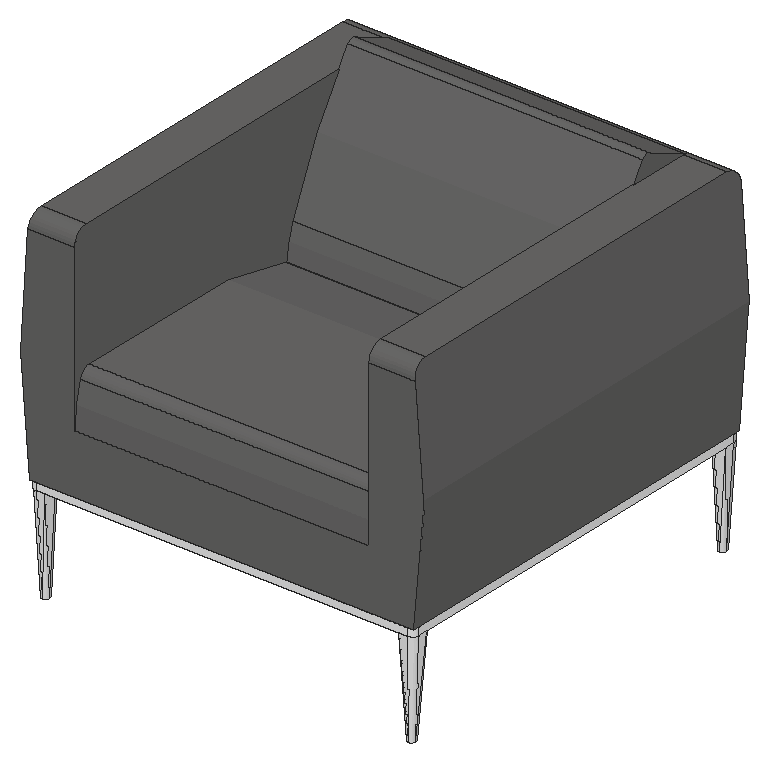
Revit family "Seating-Lounge_Chair-Teknion-BBJC_Jean-R2011", category Furniture, Revit 2013
Parameters (values of type "Lounge Chair")
  Width = 2' - 7 1/2"  # constant formula
  Warranty = "http://www.teknionstudio.com/pdfs/Teknion%20Studio%20Warranty.pdf"
  Unit Weight = 50.00 lbf
  URL = "http://www.teknionstudio.com"
  Series = "B&B Italia"
  Seat Upholstery Finish [instance] = Fabric - Teknion - V312 - Velvet Underground
  Salvage or Reuse = yes
  Product Page URL = "http://www.teknionstudio.com/jean/#.Ula9nRAQP-o"
  Product Line = "Jean"
  Product Documentation Link = "http://www.teknionstudio.com/pricing/BBJC_ppg.pdf"
  Percentage of Recycled Content = 0
  Part Number = "BBJC"
  Model = "BBJCA"
  Manufacturer Phone = "919-464-2920"
  Manufacturer Fax = "919-464-2927"
  Manufacturer Email = "mailto:customersupport@teknionstudio.com"
  Manufacturer Address = "3940 US 70 Business HWY West, Clayton, NC 27520"
  Manufacturer = "Teknion Studio"  # constant formula
  Low Emitting Material = yes
  Low Emitting Finish = yes
  Height = 2' - 4 1/2"  # constant formula
  Frame Finish [instance] = Metal - Teknion - C9 - Polished Aluminum
  Description = "Jean Lounge Chair"
  Depth = 2' - 7 3/4"  # constant formula
  Assembly Code = "E2020200"
Reference planes (in)
  plane 1 "Center F/B": y = 0
  plane 2: z = 0
  plane 3 "Center L/R": x = 0
  plane 4 "Left": x = -15.75
  plane 5 "Right": x = 15.75
  plane 6 "Back": y = 15.875
  plane 7 "Front": y = -15.875
  plane 8 "Top": z = 28.5
  plane 9: z = 8.2677
  plane 10: x = 11.52407
  plane 11: x = -11.52407
  plane 12: z = 12.92194
  plane 13: y = 12.40547
  plane 14: z = 7.63778
  plane 15: x = -15
  plane 16: x = 15
  plane 17 "Masking Region": z = 17.26746
Forms (in)
  Sweep 1, void
    path origin (0, 0, 0) x (1, 0, 0) y (0, 1, 0)
      loop
        line (-11.52407, 0) -> (11.52407, 0)
    profile origin (0, 0, 0) x (0, 1, 0) y (0, 0, 1)
      loop
        line (12.40547, 26.88604) -> (-15.875, 26.88604) -> (-15.875, 12.92194)
        arc (-15.875, 12.92194) -> (-15.73171, 14.63746) -> (-15.3058, 16.30542) r 10.34081
        arc (-15.3058, 16.30542) -> (-14.97864, 16.76457) -> (-14.45511, 16.97377) r 1
        arc (-14.45511, 16.97377) -> (-0.87067, 16.86145) -> (12.40547, 13.98154) r 66.2725
        line (12.40547, 13.98154) -> (12.40547, 26.88604)
  Sweep 2, solid, material "Fabric - Teknion - V312 - Velvet Underground" <- "Seat Upholstery Finish"
    path origin (0, 0, 0) x (1, 0, 0) y (0, 1, 0)
      loop
        line (-11.52407, 0) -> (11.52407, 0)
    profile origin (0, 0, 0) x (0, 1, 0) y (0, 0, 1)
      loop
        line (15.18064, 26.76594) -> (11.54749, 28.427)
        arc (11.54749, 28.427) -> (11.1627, 28.46077) -> (10.84282, 28.24424) r 0.57703
        arc (10.84282, 28.24424) -> (7.78277, 23.42311) -> (5.41375, 18.22744) r 41.48455
        arc (5.41375, 18.22744) -> (5.02759, 16.94706) -> (4.81332, 15.62699) r 10.13855
        line (4.81332, 15.62699) -> (4.41789, 11.1848) -> (8.75144, 11.1848) -> (15.18064, 26.76594)
  Sweep 3, solid, material "Metal - Teknion - C9 - Polished Aluminum" <- "Frame Finish"
    path origin (0, 0, 0) x (1, 0, 0) y (0, 0, 1)
      loop
        line (0, 8.2677) -> (0, 7.63778)
    profile origin (0, 0, 7.95274) x (0, -1, 0) y (1, 0, 0)
      loop
        arc (-15.875, -14.5) -> (-15.72855, -14.85355) -> (-15.375, -15) r 0.5
        line (-15.375, -15) -> (15.375, -15)
        arc (15.375, -15) -> (15.72855, -14.85355) -> (15.875, -14.5) r 0.5
        line (15.875, -14.5) -> (15.875, 14.5)
        arc (15.875, 14.5) -> (15.72855, 14.85355) -> (15.375, 15) r 0.5
        line (15.375, 15) -> (-15.375, 15)
        arc (-15.375, 15) -> (-15.72855, 14.85355) -> (-15.875, 14.5) r 0.5
        line (-15.875, 14.5) -> (-15.875, -14.5)
  SweptBlend 4, solid, material "Metal - Teknion - C9 - Polished Aluminum" <- "Frame Finish"
    path origin (14.125, -2.25, 0) x (1, 0, 0) y (0, 0, -1)
      loop
        line (-29.875, -7.63778) -> (-29.875, 0)
    profile origin (-15.75, -2.25, 7.63778) x (0, 1, 0) y (-1, 0, 0)
      loop
        line (16.87337, -0.75) -> (16.87337, -1.71961)
        spline (16.87337, -1.71961) -> (16.87505, -1.74528) -> (16.88007, -1.7705) -> (16.88833, -1.79484) -> (16.8997, -1.81789) -> (16.91398, -1.83926) -> (16.93093, -1.85857) -> (16.95027, -1.87551) -> (16.97165, -1.88978) -> (16.99472, -1.90114) -> (17.01909, -1.9094) -> (17.04433, -1.91441) -> (17.07002, -1.91609)
        line (17.07002, -1.91609) -> (18.125, -1.91609) -> (18.125, -1.25)
        arc (18.125, -1.25) -> (17.97855, -0.89645) -> (17.625, -0.75) r 0.5
        line (17.625, -0.75) -> (16.87337, -0.75)
    end profile origin (-15.75, -2.25, 0) x (0, 1, 0) y (-1, 0, 0)
      loop
        line (17.14717, -1.42364) -> (17.14717, -1.46464)
        arc (17.14717, -1.46464) -> (17.22772, -1.65909) -> (17.42217, -1.73964) r 0.275
        line (17.42217, -1.73964) -> (17.46272, -1.73964)
        arc (17.46272, -1.73964) -> (17.65718, -1.65909) -> (17.73772, -1.46464) r 0.275
        line (17.73772, -1.46464) -> (17.73772, -1.42409)
        arc (17.73772, -1.42409) -> (17.65718, -1.22963) -> (17.46272, -1.14909) r 0.275
        line (17.46272, -1.14909) -> (17.42173, -1.14909)
        arc (17.42173, -1.14909) -> (17.22759, -1.2295) -> (17.14717, -1.42364) r 0.27456
  Sweep 5, solid, material "Fabric - Teknion - V312 - Velvet Underground" <- "Seat Upholstery Finish"
    path origin (0, 0, 0) x (1, 0, 0) y (0, 1, 0)
      loop
        line (0, -15.875) -> (0, 15.875)
    profile origin (0, 0, 0) x (-1, 0, 0) y (0, 0, 1)
      loop
        line (15, 26.88488) -> (-15, 26.88488)
        arc (-15, 26.88488) -> (-15.75301, 17.57629) -> (-15, 8.2677) r 57.91256
        line (-15, 8.2677) -> (15, 8.2677)
        arc (15, 8.2677) -> (15.75301, 17.57629) -> (15, 26.88488) r 57.91256
  Sweep 6, void
    path origin (0, 0, 0) x (1, 0, 0) y (0, 1, 0)
      loop
        line (-15.75, 15.875) -> (15.75, 15.875)
    profile origin (0, 15.875, 0) x (0, 1, 0) y (0, 0, 1)
      loop
        arc (-1.15076, 26.88488) -> (-0.33746, 26.54824) -> (0, 25.73528) r 1.15076
        line (0, 25.73528) -> (0.94385, 25.73528) -> (0.94385, 28.5) -> (-1.15076, 28.5) -> (-1.15076, 26.88488)
      loop
        line (-30.58172, 26.88488) -> (-30.58172, 28.5) -> (-32.69385, 28.5) -> (-32.69385, 25.71776) -> (-31.75, 25.71776)
        arc (-31.75, 25.71776) -> (-31.40741, 26.54311) -> (-30.58172, 26.88488) r 1.16828
  SweptBlend 7, solid, material "Metal - Teknion - C9 - Polished Aluminum" <- "Frame Finish"
    path origin (14.125, 2.25, 0) x (1, 0, 0) y (0, 0, 1)
      loop
        line (-29.875, 7.63778) -> (-29.875, 0)
    profile origin (-15.75, 2.25, 7.63778) x (0, -1, 0) y (1, 0, 0)
      loop
        line (16.87337, 0.75) -> (17.625, 0.75)
        arc (17.625, 0.75) -> (17.97855, 0.89645) -> (18.125, 1.25) r 0.5
        line (18.125, 1.25) -> (18.125, 1.91609) -> (17.07002, 1.91609)
        spline (17.07002, 1.91609) -> (17.04433, 1.91441) -> (17.01909, 1.9094) -> (16.99472, 1.90114) -> (16.97165, 1.88978) -> (16.95027, 1.87551) -> (16.93093, 1.85857) -> (16.91398, 1.83926) -> (16.8997, 1.81789) -> (16.88833, 1.79484) -> (16.88007, 1.7705) -> (16.87505, 1.74528) -> (16.87337, 1.71961)
        line (16.87337, 1.71961) -> (16.87337, 0.75)
    end profile origin (-15.75, 2.25, 0) x (0, -1, 0) y (1, 0, 0)
      loop
        arc (17.14717, 1.42364) -> (17.22759, 1.2295) -> (17.42173, 1.14909) r 0.27456
        line (17.42173, 1.14909) -> (17.46272, 1.14909)
        arc (17.46272, 1.14909) -> (17.65718, 1.22963) -> (17.73772, 1.42409) r 0.275
        line (17.73772, 1.42409) -> (17.73772, 1.46464)
        arc (17.73772, 1.46464) -> (17.65718, 1.65909) -> (17.46272, 1.73964) r 0.275
        line (17.46272, 1.73964) -> (17.42217, 1.73964)
        arc (17.42217, 1.73964) -> (17.22772, 1.65909) -> (17.14717, 1.46464) r 0.275
        line (17.14717, 1.46464) -> (17.14717, 1.42364)
  SweptBlend 8, solid, material "Metal - Teknion - C9 - Polished Aluminum" <- "Frame Finish"
    path origin (-14.125, -2.25, 0) x (-1, 0, 0) y (0, 0, 1)
      loop
        line (-29.875, 7.63778) -> (-29.875, 0)
    profile origin (15.75, -2.25, 7.63778) x (0, 1, 0) y (-1, 0, 0)
      loop
        line (16.87337, 0.75) -> (17.625, 0.75)
        arc (17.625, 0.75) -> (17.97855, 0.89645) -> (18.125, 1.25) r 0.5
        line (18.125, 1.25) -> (18.125, 1.91609) -> (17.07002, 1.91609)
        spline (17.07002, 1.91609) -> (17.04433, 1.91441) -> (17.01909, 1.9094) -> (16.99472, 1.90114) -> (16.97165, 1.88978) -> (16.95027, 1.87551) -> (16.93093, 1.85857) -> (16.91398, 1.83926) -> (16.8997, 1.81789) -> (16.88833, 1.79484) -> (16.88007, 1.7705) -> (16.87505, 1.74528) -> (16.87337, 1.71961)
        line (16.87337, 1.71961) -> (16.87337, 0.75)
    end profile origin (15.75, -2.25, 0) x (0, 1, 0) y (-1, 0, 0)
      loop
        arc (17.14717, 1.42364) -> (17.22759, 1.2295) -> (17.42173, 1.14909) r 0.27456
        line (17.42173, 1.14909) -> (17.46272, 1.14909)
        arc (17.46272, 1.14909) -> (17.65718, 1.22963) -> (17.73772, 1.42409) r 0.275
        line (17.73772, 1.42409) -> (17.73772, 1.46464)
        arc (17.73772, 1.46464) -> (17.65718, 1.65909) -> (17.46272, 1.73964) r 0.275
        line (17.46272, 1.73964) -> (17.42217, 1.73964)
        arc (17.42217, 1.73964) -> (17.22772, 1.65909) -> (17.14717, 1.46464) r 0.275
        line (17.14717, 1.46464) -> (17.14717, 1.42364)
  SweptBlend 9, solid, material "Metal - Teknion - C9 - Polished Aluminum" <- "Frame Finish"
    path origin (-14.125, 2.25, 0) x (-1, 0, 0) y (0, 0, -1)
      loop
        line (-29.875, -7.63778) -> (-29.875, 0)
    profile origin (15.75, 2.25, 7.63778) x (0, -1, 0) y (1, 0, 0)
      loop
        line (16.87337, -0.75) -> (16.87337, -1.71961)
        spline (16.87337, -1.71961) -> (16.87505, -1.74528) -> (16.88007, -1.7705) -> (16.88833, -1.79484) -> (16.8997, -1.81789) -> (16.91398, -1.83926) -> (16.93093, -1.85857) -> (16.95027, -1.87551) -> (16.97165, -1.88978) -> (16.99472, -1.90114) -> (17.01909, -1.9094) -> (17.04433, -1.91441) -> (17.07002, -1.91609)
        line (17.07002, -1.91609) -> (18.125, -1.91609) -> (18.125, -1.25)
        arc (18.125, -1.25) -> (17.97855, -0.89645) -> (17.625, -0.75) r 0.5
        line (17.625, -0.75) -> (16.87337, -0.75)
    end profile origin (15.75, 2.25, 0) x (0, -1, 0) y (1, 0, 0)
      loop
        line (17.14717, -1.42364) -> (17.14717, -1.46464)
        arc (17.14717, -1.46464) -> (17.22772, -1.65909) -> (17.42217, -1.73964) r 0.275
        line (17.42217, -1.73964) -> (17.46272, -1.73964)
        arc (17.46272, -1.73964) -> (17.65718, -1.65909) -> (17.73772, -1.46464) r 0.275
        line (17.73772, -1.46464) -> (17.73772, -1.42409)
        arc (17.73772, -1.42409) -> (17.65718, -1.22963) -> (17.46272, -1.14909) r 0.275
        line (17.46272, -1.14909) -> (17.42173, -1.14909)
        arc (17.42173, -1.14909) -> (17.22759, -1.2295) -> (17.14717, -1.42364) r 0.27456
Cuts and joins
  Sweep 1, Sweep 6 cuts Sweep 5
  joined: Sweep 3, SweptBlend 4, SweptBlend 7, SweptBlend 8, SweptBlend 9
Lines and regions (in)
  Masking region 1
    outline origin (0, 0, 17.26746) x (0, -1, 0) y (1, 0, 0)
      loop
        arc (-15.8245, 15.07798) -> (-15.93633, 0) -> (-15.8245, -15.07798) r 1016.48726
        arc (-15.8245, -15.07798) -> (-15.67955, -15.42267) -> (-15.33605, -15.57043) r 0.5
        arc (-15.33605, -15.57043) -> (0, -15.74677) -> (15.33605, -15.57043) r 666.96554
        arc (15.33605, -15.57043) -> (15.67955, -15.42267) -> (15.8245, -15.07798) r 0.5
        arc (15.8245, -15.07798) -> (15.93633, 0) -> (15.8245, 15.07798) r 1016.48726
        arc (15.8245, 15.07798) -> (15.67955, 15.42267) -> (15.33605, 15.57043) r 0.5
        arc (15.33605, 15.57043) -> (0, 15.74677) -> (-15.33605, 15.57043) r 666.96554
        arc (-15.33605, 15.57043) -> (-15.67955, 15.42267) -> (-15.8245, 15.07798) r 0.5
  model lines
    curve 1: line (-11.52407, -15.875, 12.92194) -> (11.52407, -15.875, 12.92194)
  symbolic lines
    curve 2: line (-11.52407, -15.733, 17.26746) -> (-11.52407, 14.77307, 17.26746)
    curve 3: line (11.52407, -15.733, 17.26746) -> (11.52407, 14.77307, 17.26746)
    curve 4: line (-11.22407, 15.07307, 17.26746) -> (11.22407, 15.07307, 17.26746)
    curve 5: line (-11.12638, 4.31516, 17.26746) -> (11.1279, 4.31516, 17.26746)
    curve 6: arc (-11.52407, 14.77307, 17.26746) -> (-11.4362, 14.9852, 17.26746) -> (-11.22407, 15.07307, 17.26746) r 0.3
    curve 7: arc (11.52407, 14.77307, 17.26746) -> (11.4362, 14.9852, 17.26746) -> (11.22407, 15.07307, 17.26746) r 0.3
    curve 8: spline (-11.52008, 4.71041, 17.26746) -> (-11.51671, 4.65882, 17.26746) -> (-11.50666, 4.60811, 17.26746) -> (-11.49011, 4.55915, 17.26746) -> (-11.46733, 4.51278, 17.26746) -> (-11.43872, 4.4698, 17.26746) -> (-11.40477, 4.43093, 17.26746) -> (-11.36605, 4.39684, 17.26746) -> (-11.32323, 4.36812, 17.26746) -> (-11.27704, 4.34525, 17.26746) -> (-11.22828, 4.32863, 17.26746) -> (-11.17777, 4.31854, 17.26746) -> (-11.12638, 4.31516, 17.26746)
    curve 9: spline (11.1279, 4.31516, 17.26746) -> (11.17928, 4.31854, 17.26746) -> (11.22979, 4.32863, 17.26746) -> (11.27856, 4.34525, 17.26746) -> (11.32475, 4.36812, 17.26746) -> (11.36757, 4.39684, 17.26746) -> (11.40629, 4.43093, 17.26746) -> (11.44024, 4.4698, 17.26746) -> (11.46885, 4.51278, 17.26746) -> (11.49163, 4.55915, 17.26746) -> (11.50818, 4.60811, 17.26746) -> (11.51823, 4.65882, 17.26746) -> (11.5216, 4.71041, 17.26746)
    curve 10: arc (-11.52407, -15.733, 17.26746) -> (-11.56201, -15.82461, 17.26746) -> (-11.65363, -15.86256, 17.26746) r 0.12956
    curve 11: arc (11.52407, -15.733, 17.26746) -> (11.55829, -15.81563, 17.26746) -> (11.64093, -15.84986, 17.26746) r 0.11686
  symbolic lines, detail levels fine
    curve 12: line (-11.52407, 12.40547, 17.26746) -> (11.52407, 12.40547, 17.26746)
Dimensions and locks (in)
  "Height": plane 8 "Top" to level
  equal spacing: plane 4 "Left", plane 3 "Center L/R", plane 5 "Right"
  "Width": plane 4 "Left" to plane 5 "Right"
  equal spacing: plane 6 "Back", plane 1 "Center F/B", plane 7 "Front"
  "Depth": plane 6 "Back" to plane 7 "Front"
  locked: plane 4 "Left" to plane 11 at 4.22593
  locked: plane 10 to plane 5 "Right" at 4.22593
  locked: plane 6 "Back" to plane 13 at 3.46953
  locked: plane 12 to plane 9 at 4.65425
  locked: plane 8 "Top" to Sweep 1 sketch curve at 1.61396
  locked: plane 12 to Sweep 2 sketch curve at 1.73714
  locked: plane 9 to plane 14 at 0.62992
  locked: plane 14 to plane 2 at 7.63778
  locked: plane 4 "Left" to plane 15 at 0.75
  locked: plane 16 to plane 5 "Right" at 0.75
  locked: plane 8 "Top" to Sweep 5 sketch curve at 1.61512
  locked: plane 8 "Top" to Sweep 5 sketch curve at 10.92371  (x2)
  locked: plane 5 "Right" to Sweep 5 sketch curve at 57.90955
  locked: Sweep 5 sketch curve to plane 4 "Left" at 57.90955
  locked: plane 17 "Masking Region" to plane 2 at 17.26746
  aligned and locked: level to plane 2
  aligned and locked: plane 1 "Center F/B" to Sweep 1 sketch curve
  aligned and locked: plane 10 to Sweep 1 sketch curve
  aligned and locked: plane 11 to Sweep 1 sketch curve
  aligned and locked: plane 13 to Sweep 1 sketch curve
  aligned and locked: curve 1 to plane 12
  aligned and locked: plane 10 to curve 1
  aligned and locked: plane 11 to curve 1
  aligned and locked: plane 1 "Center F/B" to Sweep 2 sketch curve
  aligned and locked: plane 10 to Sweep 2 sketch curve
  aligned and locked: plane 11 to Sweep 2 sketch curve
  aligned and locked: Sweep 1 sketch curve to plane 7 "Front"
  aligned and locked: curve 3 to plane 10
  aligned and locked: plane 11 to curve 2
  aligned and locked: Sweep 3 sketch curve to plane 3 "Center L/R"
  aligned and locked: plane 14 to Sweep 3 sketch curve
  aligned and locked: plane 9 to Sweep 3 sketch curve
  aligned and locked: Sweep 3 sketch curve to plane 15
  aligned and locked: plane 16 to Sweep 3 sketch curve
  aligned and locked: plane 6 "Back" to Sweep 5 sketch curve
  aligned and locked: plane 7 "Front" to Sweep 5 sketch curve
  aligned and locked: plane 3 "Center L/R" to Sweep 5 sketch curve
  aligned and locked: plane 15 to Sweep 5 sketch curve  (x2)
  aligned and locked: plane 16 to Sweep 5 sketch curve  (x2)
  aligned and locked: plane 4 "Left" to Sweep 6 sketch curve
  aligned and locked: plane 5 "Right" to Sweep 6 sketch curve
  aligned and locked: Sweep 6 sketch curve to plane 6 "Back"
  aligned and locked: plane 8 "Top" to Sweep 6 sketch curve
  aligned and locked: Sweep 6 sketch curve to plane 8 "Top"
  aligned and locked: plane 6 "Back" to Sweep 6 sketch curve
  aligned and locked: Sweep 3 sketch curve to plane 6 "Back"
  aligned and locked: Sweep 3 sketch curve to plane 7 "Front"
  aligned and locked: plane 14 to SweptBlend 7 sketch curve
  aligned and locked: plane 2 to SweptBlend 7 sketch curve
  aligned and locked: SweptBlend 7 sketch curve to plane 4 "Left"
  aligned and locked: SweptBlend 4 sketch curve to plane 4 "Left"
  aligned and locked: plane 14 to SweptBlend 4 sketch curve
  aligned and locked: plane 2 to SweptBlend 4 sketch curve
  aligned and locked: plane 14 to SweptBlend 9 sketch curve
  aligned and locked: plane 2 to SweptBlend 9 sketch curve
  aligned and locked: SweptBlend 9 sketch curve to plane 5 "Right"
  aligned and locked: plane 14 to SweptBlend 8 sketch curve
  aligned and locked: plane 2 to SweptBlend 8 sketch curve
  aligned and locked: SweptBlend 8 sketch curve to plane 5 "Right"
Automatic sketch dimensions
  Sweep 1 sketch curve to Sweep 1 sketch curve = 0' - 0.5692"
  Sweep 1 sketch curve to Sweep 1 sketch curve = 0' - 0"  (x2)
  Sweep 1 sketch curve to Sweep 1 sketch curve = 0' - 0.85069"
  Sweep 1 sketch curve to Sweep 1 sketch curve = 0' - 0.09426"
  profile plane to Sweep 1 sketch curve = 0' - 8.20796"
  profile plane to Sweep 1 sketch curve = 0' - 5.53419"
  Sweep 1 sketch curve to Sweep 1 sketch curve = 0' - 9.91227"
  Sweep 2 sketch curve to profile plane = 0' - 4.41789"
  Sweep 2 sketch curve to Sweep 2 sketch curve = 0' - 0.39543"
  Sweep 2 sketch curve to Sweep 2 sketch curve = 0' - 0.60043"
  Sweep 2 sketch curve to Sweep 2 sketch curve = 0' - 0"  (x2)
  Sweep 2 sketch curve to Sweep 2 sketch curve = 0' - 4.33355"
  Sweep 2 sketch curve to profile plane = 0' - 10.84282"
  Sweep 2 sketch curve to Sweep 2 sketch curve = 0' - 0.46474"
  Sweep 2 sketch curve to Sweep 2 sketch curve = 0' - 0.23993"
  Sweep 2 sketch curve to Sweep 2 sketch curve = 0' - 6.1548"
  Sweep 2 sketch curve to Sweep 2 sketch curve = 0' - 3.63315"
  level to Sweep 2 sketch curve = 0' - 3.65541"
  Sweep 2 sketch curve to Sweep 2 sketch curve = 2' - 5.34853"
  Sweep 2 sketch curve to Sweep 2 sketch curve = 0' - 3.48133"
  Sweep 2 sketch curve to Sweep 2 sketch curve = 0' - 1.66106"
  profile plane to SweptBlend 4 sketch curve = 0' - 1.71961"
  profile plane to SweptBlend 4 sketch curve = 1' - 4.87337"
  SweptBlend 4 sketch curve to SweptBlend 4 sketch curve = 0' - 0.03927"
  SweptBlend 4 sketch curve to SweptBlend 4 sketch curve = 0' - 0.15738"
  SweptBlend 4 sketch curve to SweptBlend 4 sketch curve = 0' - 0.00059"
  SweptBlend 4 sketch curve to SweptBlend 4 sketch curve = 0' - 0.75163"
  SweptBlend 4 sketch curve to SweptBlend 4 sketch curve = 0' - 0 1/2"
  SweptBlend 4 sketch curve to SweptBlend 4 sketch curve = 0' - 0.11789"
  SweptBlend 4 sketch curve to SweptBlend 4 sketch curve = 0' - 0.46901"
  profile plane to SweptBlend 4 sketch curve = 0' - 1.42364"
  profile plane to SweptBlend 4 sketch curve = 1' - 5.14717"
  SweptBlend 4 sketch curve to SweptBlend 4 sketch curve = 0' - 0.27456"
  SweptBlend 4 sketch curve to SweptBlend 4 sketch curve = 0' - 0.00044"
  SweptBlend 4 sketch curve to SweptBlend 4 sketch curve = 0' - 0.04055"  (x2)
  SweptBlend 4 sketch curve to SweptBlend 4 sketch curve = 0' - 0"
  SweptBlend 4 sketch curve to SweptBlend 4 sketch curve = 0' - 0.275"
  profile plane to Sweep 6 sketch curve = 0' - 1.15076"  (x2)
  Sweep 6 sketch curve to Sweep 6 sketch curve = 2' - 5.43096"
  Sweep 6 sketch curve to Sweep 6 sketch curve = 0' - 1.16828"
  Sweep 6 sketch curve to Sweep 6 sketch curve = 0' - 2.11213"
  Sweep 6 sketch curve to profile plane = 0' - 0.94385"
  Sweep 6 sketch curve to Sweep 6 sketch curve = 0' - 1.61512"  (x2)
  Sweep 6 sketch curve to Sweep 6 sketch curve = 0' - 1.1496"
  Sweep 6 sketch curve to Sweep 6 sketch curve = 0' - 1.16713"
  SweptBlend 7 sketch curve to profile plane = 0' - 1.71961"
  profile plane to SweptBlend 7 sketch curve = 1' - 4.87337"
  SweptBlend 7 sketch curve to SweptBlend 7 sketch curve = 0' - 0.03927"
  SweptBlend 7 sketch curve to SweptBlend 7 sketch curve = 0' - 0.15738"
  SweptBlend 7 sketch curve to SweptBlend 7 sketch curve = 0' - 0.00059"  (x2)
  SweptBlend 7 sketch curve to SweptBlend 7 sketch curve = 0' - 0.75163"
  SweptBlend 7 sketch curve to SweptBlend 7 sketch curve = 0' - 0 1/2"
  SweptBlend 7 sketch curve to SweptBlend 7 sketch curve = 0' - 0.66609"
  SweptBlend 7 sketch curve to profile plane = 0' - 1.42364"
  profile plane to SweptBlend 7 sketch curve = 1' - 5.14717"
  SweptBlend 7 sketch curve to SweptBlend 7 sketch curve = 0' - 0.27456"
  SweptBlend 7 sketch curve to SweptBlend 7 sketch curve = 0' - 0.00044"
  SweptBlend 7 sketch curve to SweptBlend 7 sketch curve = 0' - 0.04055"
  SweptBlend 7 sketch curve to SweptBlend 7 sketch curve = 0' - 0"
  SweptBlend 7 sketch curve to SweptBlend 7 sketch curve = 0' - 0.275"
  SweptBlend 7 sketch curve to SweptBlend 7 sketch curve = 0' - 0.04099"
  SweptBlend 8 sketch curve to profile plane = 0' - 1.71961"
  profile plane to SweptBlend 8 sketch curve = 1' - 4.87337"
  SweptBlend 8 sketch curve to SweptBlend 8 sketch curve = 0' - 0.03927"
  SweptBlend 8 sketch curve to SweptBlend 8 sketch curve = 0' - 0.15738"
  SweptBlend 8 sketch curve to SweptBlend 8 sketch curve = 0' - 0.00059"  (x2)
  SweptBlend 8 sketch curve to SweptBlend 8 sketch curve = 0' - 0.75163"
  SweptBlend 8 sketch curve to SweptBlend 8 sketch curve = 0' - 0 1/2"
  SweptBlend 8 sketch curve to SweptBlend 8 sketch curve = 0' - 0.66609"
  SweptBlend 8 sketch curve to profile plane = 0' - 1.42364"
  profile plane to SweptBlend 8 sketch curve = 1' - 5.14717"
  SweptBlend 8 sketch curve to SweptBlend 8 sketch curve = 0' - 0.27456"
  SweptBlend 8 sketch curve to SweptBlend 8 sketch curve = 0' - 0.00044"
  SweptBlend 8 sketch curve to SweptBlend 8 sketch curve = 0' - 0.04055"
  SweptBlend 8 sketch curve to SweptBlend 8 sketch curve = 0' - 0"
  SweptBlend 8 sketch curve to SweptBlend 8 sketch curve = 0' - 0.275"
  SweptBlend 8 sketch curve to SweptBlend 8 sketch curve = 0' - 0.04099"
  profile plane to SweptBlend 9 sketch curve = 0' - 1.71961"
  profile plane to SweptBlend 9 sketch curve = 1' - 4.87337"
  SweptBlend 9 sketch curve to SweptBlend 9 sketch curve = 0' - 0.03927"
  SweptBlend 9 sketch curve to SweptBlend 9 sketch curve = 0' - 0.15738"
  SweptBlend 9 sketch curve to SweptBlend 9 sketch curve = 0' - 0.00059"
  SweptBlend 9 sketch curve to SweptBlend 9 sketch curve = 0' - 0.75163"
  SweptBlend 9 sketch curve to SweptBlend 9 sketch curve = 0' - 0 1/2"
  SweptBlend 9 sketch curve to SweptBlend 9 sketch curve = 0' - 0.11789"
  SweptBlend 9 sketch curve to SweptBlend 9 sketch curve = 0' - 0.46901"
  profile plane to SweptBlend 9 sketch curve = 0' - 1.42364"
  profile plane to SweptBlend 9 sketch curve = 1' - 5.14717"
  SweptBlend 9 sketch curve to SweptBlend 9 sketch curve = 0' - 0.27456"
  SweptBlend 9 sketch curve to SweptBlend 9 sketch curve = 0' - 0.00044"
  SweptBlend 9 sketch curve to SweptBlend 9 sketch curve = 0' - 0.04055"  (x2)
  SweptBlend 9 sketch curve to SweptBlend 9 sketch curve = 0' - 0"
  SweptBlend 9 sketch curve to SweptBlend 9 sketch curve = 0' - 0.275"
  Sweep 3 sketch curve to Sweep 3 sketch curve = 0' - 0 1/2"  (x4)
  Masking region 1 sketch curve to plane 3 "Center L/R" = 0' - 0"  (x2)
  Masking region 1 sketch curve to plane 1 "Center F/B" = 0' - 0"
  plane 1 "Center F/B" to Masking region 1 sketch curve = 0' - 0"
  Masking region 1 sketch curve to plane 16 = 0' - 0.07056"  (x2)
  Masking region 1 sketch curve to plane 6 "Back" = 0' - 0.55045"  (x2)
  Masking region 1 sketch curve to plane 15 = 0' - 0.07056"  (x2)
  plane 4 "Left" to Masking region 1 sketch curve = 0' - 0.17957"
  Masking region 1 sketch curve to Masking region 1 sketch curve = 0' - 0"  (x6)
  Masking region 1 sketch curve to plane 5 "Right" = 0' - 0.17957"
  plane 6 "Back" to Masking region 1 sketch curve = 82' - 0.67593"
  Masking region 1 sketch curve to plane 7 "Front" = 0' - 0.55045"  (x2)
  plane 7 "Front" to Masking region 1 sketch curve = 82' - 0.67593"
  Masking region 1 sketch curve to plane 4 "Left" = 52' - 11.46877"
  plane 5 "Right" to Masking region 1 sketch curve = 52' - 11.46877"
  curve 4 to plane 6 "Back" = 0' - 0.80193"
  curve 4 to curve 3 = 0' - 0.3"
  curve 4 to curve 2 = 0' - 0.3"
  plane 11 to curve 8 = 0' - 0.39769"
  curve 8 to plane 1 "Center F/B" = 0' - 4.71041"
  plane 10 to curve 9 = 0' - 0.39617"
  curve 9 to curve 9 = 0' - 0.39524"
  curve 8 to curve 8 = 0' - 0.39524"
  curve 2 to plane 7 "Front" = 0' - 0.142"
  curve 3 to plane 7 "Front" = 0' - 0.142"
  curve 11 to plane 7 "Front" = 0' - 0.02514"
  curve 10 to plane 7 "Front" = 0' - 0.01244"
  plane 11 to curve 8 = 0' - 0.00399"
  plane 10 to curve 9 = 0' - 0.00247"
  curve 12 to plane 13 = 0' - 0"
